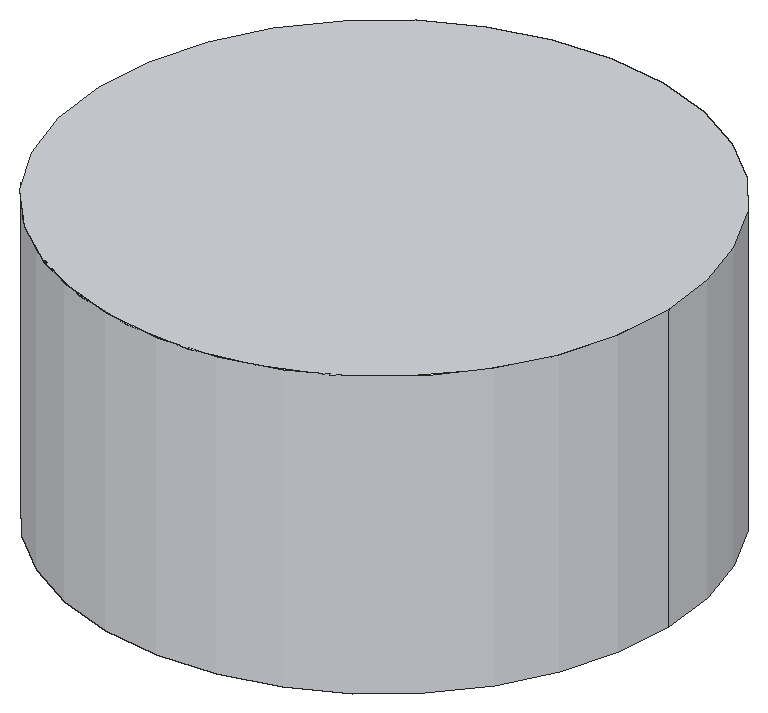
Revit family "ASF-8-C8", category Mechanical Equipment, Revit 2023
Family settings
  Round Connector Dimension = Use Diameter
  Classification = None
  Part Type = Normal
  OmniClass Number = 23.75.00.00
  OmniClass Title = Climate Control (HVAC)
  Work Plane-Based = No
  Always vertical = Yes
  Cut with Voids When Loaded = No
  Maintain Annotation Orientation = No
  Shared = No
  Room Calculation Point = No
Parameters (values of type "Standard")
  Volume = 0.040576 CF
  Title = "Aura Solar Attic Fan - 8\" Diameter, 8\" Tall Collar"
  Subject = "ASF-8-C8"
  Requested Accuracy = "Low"
  Part Number = "ASF-8-C8"
  Mass = 6.63406 lbm
  Designer = "CAD Machine"
  Design State = 1
  Density = 163.497 lb/ft³
  Default Elevation = 0' - 0"
  Creation Date = "11/14/2022"
  Connector_1_Diameter = 0' - 7 3/4"
  Center of Gravity = "X: 0.011 in Y: 3.047 in Z: -0.021 in"
  Author = "CAD Machine"
  Area = 18.7076 SF
Reference planes (in)
  plane 1 "Center (Front/Back)": y = 0
  plane 2: z = 0
  plane 3 "Center (Left/Right)": x = 0
Forms (in)
  Extrusion 1, solid
    sketch origin (0, 0, -8.94836) x (1, 0, 0) y (0, 1, 0)
      loop
        circle (0, 0) r 0.12
    from 0 to -0.12
Dimensions and locks (in)
  aligned and locked: plane 2 to level
Connectors (in)
  hvac at (0, 0, -8.94836), driven by "Connector_1_Diameter"
    settings: on Extrusion 1, index 1, duct flow 0 CFM, flow factor 0, pres drop 0.00 in-wg, loss coef 0, conn angle 0.00°, conn width 12", conn height 12", conn diameter 7 3/4", duct sys type 3, conn prof type 0, flow config 1, flow direction 1, loss method 0, conn ref index -1, conn util no, is conn primary yes, conn desc ""
